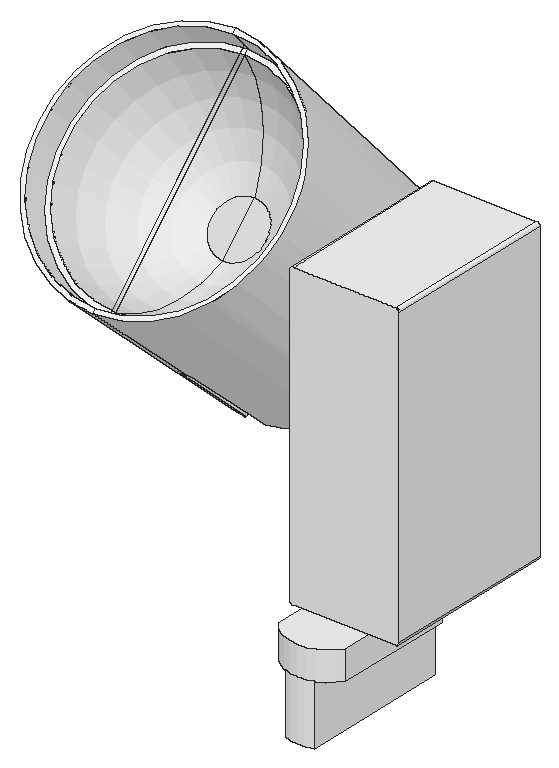
Revit family "0004878 Feilo Sylvania Lighting Fixture START TRACK SPOT L 35W 4K RA90 MB WHITE", category Lighting Fixtures, host Face, Revit 2017 (continued)
Definition of nested family "Start Track Spot Head"
  Types (96, lengths in mm): name | Wattage | built-in parameter 1150134 | Photometric Web File | Model | built-in parameter 1150105 | Lumens | built-in parameter 1150107 | built-in parameter 1150106 | HeadThickness_FEILO | HeadRibOffset_FEILO | HeadRibDepth_FEILO | HeadRibCutWidth_FEILO | HeadRibCutOffset_FEILO | HeadReflectorRadius_FEILO | HeadReflectorOffset_FEILO | HeadLEDRadius_FEILO | HeadHeight_FEILO | HeadDiffusorOffset_FEILO | HeadDiaOut_FEILO | HeadDiaIn_FEILO | HeadAxisFromTop_FEILO | Emit from Circle Diameter | built-in parameter 1150104 | Description | Apparent Load
    0004864 START TRACK SPOT S 24W 3K RA90 WB WHITE | 24 W | (empty or 0) | "0004864.ies" | "START TRACK SPOT S 24W 3K RA90 WB WHITE" | 152.79 (stored number, unit not read) | 1920 lm | 3000 (stored number, unit not read) | 1.5279 (stored number, unit not read) | 1.5 | 4.179 | 55.714 | 7.167 | 50.87 | 50.588 | 55.714 | 9.556 | 117 | 9.435 | 86 | 77.477 | 69.354 | 77.477 | 7.4322 (stored number, unit not read) | "Integrated LED spotlight, Textured White - RAL9016, compact and minimalist design, ideal for retail applications, die-cast aluminium body, passive cooling heatsink. Beam angle: 64°, color temperature: 3000K , total system power: 24W, total fixture output: 1928 lm, LOR: 100%, colour rendering: Ra: 90 typical, LED Chromaticity: 3 step MacAdam ellipse, lifetime: >50000 hours at L70B50, energy class: A++, A+, A, IR/UV free light source without heat radiation, operating voltage: 220-240V / 50-60Hz, drive current: 600mA, electronic driver, non-dimmable, power factor: 0.95, electrical protection: Class II, Global Track 3 Phase adapter suitable for Global trac 3-circuit tracks, ingress protection rating: IP20, suitable for internal environment only, horizontal rotation: 355°, vertical tilt: 90°, dimensions: Ø86x140x200, weight: 0.966kg." | 24 VA
    0004863 START TRACK SPOT S 24W 3K RA90 MB WHITE | 24 W | (empty or 0) | "0004863.ies" | "START TRACK SPOT S 24W 3K RA90 MB WHITE" | 154.7 (stored number, unit not read) | 1944 lm | 3000 (stored number, unit not read) | 1.547 (stored number, unit not read) | 1.5 | 4.179 | 55.714 | 7.167 | 50.87 | 50.588 | 55.714 | 9.556 | 117 | 9.435 | 86 | 77.477 | 69.354 | 77.477 | 7.5251 (stored number, unit not read) | "Integrated LED spotlight, Textured White - RAL9016, compact and minimalist design, ideal for retail applications, die-cast aluminium body, passive cooling heatsink. Beam angle: 36°, color temperature: 3000K , total system power: 24W, total fixture output: 1944 lm, LOR: 100%, colour rendering: Ra: 90 typical, LED Chromaticity: 3 step MacAdam ellipse, lifetime: >50000 hours at L70B50, energy class: A++, A+, A, IR/UV free light source without heat radiation, operating voltage: 220-240V / 50-60Hz, drive current: 600mA, electronic driver, non-dimmable, power factor: 0.95, electrical protection: Class II, Global Track 3 Phase adapter suitable for Global trac 3-circuit tracks, ingress protection rating: IP20, suitable for internal environment only, horizontal rotation: 355°, vertical tilt: 90°, dimensions: Ø86x140x200, weight: 0.966kg." | 24 VA
    0004862 START TRACK SPOT S 24W 3K RA90 NB WHITE | 24 W | (empty or 0) | "0004862.ies" | "START TRACK SPOT S 24W 3K RA90 NB WHITE" | 158.52 (stored number, unit not read) | 1992 lm | 3000 (stored number, unit not read) | 1.5852 (stored number, unit not read) | 1.5 | 4.179 | 55.714 | 7.167 | 50.87 | 50.588 | 55.714 | 9.556 | 117 | 9.435 | 86 | 77.477 | 69.354 | 77.477 | 7.711 (stored number, unit not read) | "Integrated LED spotlight, Textured White - RAL9016, compact and minimalist design, ideal for retail applications, die-cast aluminium body, passive cooling heatsink. Beam angle: 12°, color temperature: 3000K , total system power: 24W, total fixture output: 1987 lm, LOR: 100%, colour rendering: Ra: 90 typical, LED Chromaticity: 3 step MacAdam ellipse, lifetime: >50000 hours at L70B50, energy class: A++, A+, A, IR/UV free light source without heat radiation, operating voltage: 220-240V / 50-60Hz, drive current: 600mA, electronic driver, non-dimmable, power factor: 0.95, electrical protection: Class II, Global Track 3 Phase adapter suitable for Global trac 3-circuit tracks, ingress protection rating: IP20, suitable for internal environment only, horizontal rotation: 355°, vertical tilt: 90°, dimensions: Ø86x140x200, weight: 0.966kg." | 24 VA
    0004861 START TRACK SPOT S 14W 3K RA90 WB WHITE | 14 W | (empty or 0) | "0004861.ies" | "START TRACK SPOT S 14W 3K RA90 WB WHITE" | 100.27 (stored number, unit not read) | 1260 lm | 3000 (stored number, unit not read) | 1.0027 (stored number, unit not read) | 1.5 | 4.179 | 55.714 | 7.167 | 50.87 | 50.588 | 55.714 | 9.556 | 117 | 9.435 | 86 | 77.477 | 69.354 | 77.477 | 8.3613 (stored number, unit not read) | "Integrated LED spotlight, Textured White - RAL9016, compact and minimalist design, ideal for retail applications, die-cast aluminium body, passive cooling heatsink. Beam angle: 64°, color temperature: 3000K , total system power: 14W, total fixture output: 1262 lm, LOR: 100%, colour rendering: Ra: 90 typical, LED Chromaticity: 3 step MacAdam ellipse, lifetime: >50000 hours at L70B50, energy class: A++, A+, A, IR/UV free light source without heat radiation, operating voltage: 220-240V / 50-60Hz, drive current: 350mA, electronic driver, non-dimmable, power factor: 0.92, electrical protection: Class II, Global Track 3 Phase adapter suitable for Global trac 3-circuit tracks, ingress protection rating: IP20, suitable for internal environment only, horizontal rotation: 355°, vertical tilt: 90°, dimensions: Ø86x140x200, weight: 0.940kg." | 14 VA
    0004860 START TRACK SPOT S 14W 3K RA90 MB WHITE | 14 W | (empty or 0) | "0004860.ies" | "START TRACK SPOT S 14W 3K RA90 MB WHITE" | 100.27 (stored number, unit not read) | 1260 lm | 3000 (stored number, unit not read) | 1.0027 (stored number, unit not read) | 1.5 | 4.179 | 55.714 | 7.167 | 50.87 | 50.588 | 55.714 | 9.556 | 117 | 9.435 | 86 | 77.477 | 69.354 | 77.477 | 8.3613 (stored number, unit not read) | "Integrated LED spotlight, Textured White - RAL9016, compact and minimalist design, ideal for retail applications, die-cast aluminium body, passive cooling heatsink. Beam angle: 36°, color temperature: 3000K , total system power: 14W, total fixture output: 1262 lm, LOR: 100%, colour rendering: Ra: 90 typical, LED Chromaticity: 3 step MacAdam ellipse, lifetime: >50000 hours at L70B50, energy class: A++, A+, A, IR/UV free light source without heat radiation, operating voltage: 220-240V / 50-60Hz, drive current: 350mA, electronic driver, non-dimmable, power factor: 0.92, electrical protection: Class II, Global Track 3 Phase adapter suitable for Global trac 3-circuit tracks, ingress protection rating: IP20, suitable for internal environment only, horizontal rotation: 355°, vertical tilt: 90°, dimensions: Ø86x140x200, weight: 0.940kg." | 14 VA
    0004859 START TRACK SPOT S 14W 3K RA90 NB WHITE | 14 W | (empty or 0) | "0004859.ies" | "START TRACK SPOT S 14W 3K RA90 NB WHITE" | 102.5 (stored number, unit not read) | 1288 lm | 3000 (stored number, unit not read) | 1.025 (stored number, unit not read) | 1.5 | 4.179 | 55.714 | 7.167 | 50.87 | 50.588 | 55.714 | 9.556 | 117 | 9.435 | 86 | 77.477 | 69.354 | 77.477 | 8.5471 (stored number, unit not read) | "Integrated LED spotlight, Textured White - RAL9016, compact and minimalist design, ideal for retail applications, die-cast aluminium body, passive cooling heatsink. Beam angle: 12°, color temperature: 3000K , total system power: 14W, total fixture output: 1284 lm, LOR: 100%, colour rendering: Ra: 90 typical, LED Chromaticity: 3 step MacAdam ellipse, lifetime: >50000 hours at L70B50, energy class: A++, A+, A, IR/UV free light source without heat radiation, operating voltage: 220-240V / 50-60Hz, drive current: 350mA, electronic driver, non-dimmable, power factor: 0.92, electrical protection: Class II, Global Track 3 Phase adapter suitable for Global trac 3-circuit tracks, ingress protection rating: IP20, suitable for internal environment only, horizontal rotation: 355°, vertical tilt: 90°, dimensions: Ø86x140x200, weight: 0.940kg." | 14 VA
    0004858 START TRACK SPOT L 55W 4K RA80 WB BLACK | 55 W | 12 | "0004858.ies" | "START TRACK SPOT L 55W 4K RA80 WB BLACK" | 424.55 (stored number, unit not read) | 5335 lm | 4000 (stored number, unit not read) | 4.2455 (stored number, unit not read) | 2 | 4.429 | 59.048 | 9.417 | 53.913 | 66.471 | 59.048 | 12.556 | 124 | 10 | 113 | 101.802 | 73.503 | 101.802 | 9.0116 (stored number, unit not read) | "Integrated LED spotlight, Textured Black - RAL9005, compact and minimalist design, ideal for retail applications, die-cast aluminium body, passive cooling heatsink. Beam angle: 52°, color temperature: 4000K , total system power: 55W, total fixture output: 5320 lm, LOR: 100%, colour rendering: Ra: 80 typical, LED Chromaticity: 3 step MacAdam ellipse, lifetime: >50000 hours at L70B50, energy class: A++, A+, A, IR/UV free light source without heat radiation, operating voltage: 220-240V / 50-60Hz, drive current: 1400mA, electronic driver, non-dimmable, power factor: 0.96, electrical protection: Class II, Global Track 3 Phase adapter suitable for Global trac 3-circuit tracks, ingress protection rating: IP20, suitable for internal environment only, horizontal rotation: 355°, vertical tilt: 90°, dimensions: Ø113x164x240, weight: 1.398kg." | 55 VA
    0004857 START TRACK SPOT L 55W 4K RA80 MB BLACK | 55 W | 12 | "0004857.ies" | "START TRACK SPOT L 55W 4K RA80 MB BLACK" | 428.92 (stored number, unit not read) | 5390 lm | 4000 (stored number, unit not read) | 4.2892 (stored number, unit not read) | 2 | 4.429 | 59.048 | 9.417 | 53.913 | 66.471 | 59.048 | 12.556 | 124 | 10 | 113 | 101.802 | 73.503 | 101.802 | 9.1045 (stored number, unit not read) | "Integrated LED spotlight, Textured Black - RAL9005, compact and minimalist design, ideal for retail applications, die-cast aluminium body, passive cooling heatsink. Beam angle: 38°, color temperature: 4000K , total system power: 55W, total fixture output: 5378 lm, LOR: 100%, colour rendering: Ra: 80 typical, LED Chromaticity: 3 step MacAdam ellipse, lifetime: >50000 hours at L70B50, energy class: A++, A+, A, IR/UV free light source without heat radiation, operating voltage: 220-240V / 50-60Hz, drive current: 1400mA, electronic driver, non-dimmable, power factor: 0.96, electrical protection: Class II, Global Track 3 Phase adapter suitable for Global trac 3-circuit tracks, ingress protection rating: IP20, suitable for internal environment only, horizontal rotation: 355°, vertical tilt: 90°, dimensions: Ø113x164x240, weight: 1.398kg." | 55 VA
    0004856 START TRACK SPOT L 55W 4K RA80 NB BLACK | 55 W | 12 | "0004856.ies" | "START TRACK SPOT L 55W 4K RA80 NB BLACK" | 433.3 (stored number, unit not read) | 5445 lm | 4000 (stored number, unit not read) | 4.333 (stored number, unit not read) | 2 | 4.429 | 59.048 | 9.417 | 53.913 | 66.471 | 59.048 | 12.556 | 124 | 10 | 113 | 101.802 | 73.503 | 101.802 | 9.1974 (stored number, unit not read) | "Integrated LED spotlight, Textured Black - RAL9005, compact and minimalist design, ideal for retail applications, die-cast aluminium body, passive cooling heatsink. Beam angle: 15°, color temperature: 4000K , total system power: 55W, total fixture output: 5426 lm, LOR: 100%, colour rendering: Ra: 80 typical, LED Chromaticity: 3 step MacAdam ellipse, lifetime: >50000 hours at L70B50, energy class: A++, A+, A, IR/UV free light source without heat radiation, operating voltage: 220-240V / 50-60Hz, drive current: 1400mA, electronic driver, non-dimmable, power factor: 0.96, electrical protection: Class II, Global Track 3 Phase adapter suitable for Global trac 3-circuit tracks, ingress protection rating: IP20, suitable for internal environment only, horizontal rotation: 355°, vertical tilt: 90°, dimensions: Ø113x164x240, weight: 1.398kg." | 55 VA
    0004855 START TRACK SPOT L 35W 4K RA80 WB BLACK | 35 W | 12 | "0004855.ies" | "START TRACK SPOT L 35W 4K RA80 WB BLACK" | 320.3 (stored number, unit not read) | 4025 lm | 4000 (stored number, unit not read) | 3.203 (stored number, unit not read) | 2 | 4.429 | 59.048 | 9.417 | 53.913 | 66.471 | 59.048 | 12.556 | 124 | 10 | 113 | 101.802 | 73.503 | 101.802 | 10.684 (stored number, unit not read) | "Integrated LED spotlight, Textured Black - RAL9005, compact and minimalist design, ideal for retail applications, die-cast aluminium body, passive cooling heatsink. Beam angle: 52°, color temperature: 4000K , total system power: 35W, total fixture output: 4010 lm, LOR: 100%, colour rendering: Ra: 80 typical, LED Chromaticity: 3 step MacAdam ellipse, lifetime: >50000 hours at L70B50, energy class: A++, A+, A, IR/UV free light source without heat radiation, operating voltage: 220-240V / 50-60Hz, drive current: 900mA, electronic driver, non-dimmable, power factor: 0.93, electrical protection: Class II, Global Track 3 Phase adapter suitable for Global trac 3-circuit tracks, ingress protection rating: IP20, suitable for internal environment only, horizontal rotation: 355°, vertical tilt: 90°, dimensions: Ø113x164x240, weight: 1.368kg." | 35 VA
    0004854 START TRACK SPOT L 35W 4K RA80 MB BLACK | 35 W | 12 | "0004854.ies" | "START TRACK SPOT L 35W 4K RA80 MB BLACK" | 320.3 (stored number, unit not read) | 4025 lm | 4000 (stored number, unit not read) | 3.203 (stored number, unit not read) | 2 | 4.429 | 59.048 | 9.417 | 53.913 | 66.471 | 59.048 | 12.556 | 124 | 10 | 113 | 101.802 | 73.503 | 101.802 | 10.684 (stored number, unit not read) | "Integrated LED spotlight, Textured Black - RAL9005, compact and minimalist design, ideal for retail applications, die-cast aluminium body, passive cooling heatsink. Beam angle: 38°, color temperature: 4000K , total system power: 35W, total fixture output: 4017 lm, LOR: 100%, colour rendering: Ra: 80 typical, LED Chromaticity: 3 step MacAdam ellipse, lifetime: >50000 hours at L70B50, energy class: A++, A+, A, IR/UV free light source without heat radiation, operating voltage: 220-240V / 50-60Hz, drive current: 900mA, electronic driver, non-dimmable, power factor: 0.93, electrical protection: Class II, Global Track 3 Phase adapter suitable for Global trac 3-circuit tracks, ingress protection rating: IP20, suitable for internal environment only, horizontal rotation: 355°, vertical tilt: 90°, dimensions: Ø113x164x240, weight: 1.368kg." | 35 VA
    0004853 START TRACK SPOT L 35W 4K RA80 NB BLACK | 35 W | 12 | "0004853.ies" | "START TRACK SPOT L 35W 4K RA80 NB BLACK" | 331.44 (stored number, unit not read) | 4165 lm | 4000 (stored number, unit not read) | 3.3144 (stored number, unit not read) | 2 | 4.429 | 59.048 | 9.417 | 53.913 | 66.471 | 59.048 | 12.556 | 124 | 10 | 113 | 101.802 | 73.503 | 101.802 | 11.055 (stored number, unit not read) | "Integrated LED spotlight, Textured Black - RAL9005, compact and minimalist design, ideal for retail applications, die-cast aluminium body, passive cooling heatsink. Beam angle: 15°, color temperature: 4000K , total system power: 35W, total fixture output: 4174 lm, LOR: 100%, colour rendering: Ra: 80 typical, LED Chromaticity: 3 step MacAdam ellipse, lifetime: >50000 hours at L70B50, energy class: A++, A+, A, IR/UV free light source without heat radiation, operating voltage: 220-240V / 50-60Hz, drive current: 900mA, electronic driver, non-dimmable, power factor: 0.93, electrical protection: Class II, Global Track 3 Phase adapter suitable for Global trac 3-circuit tracks, ingress protection rating: IP20, suitable for internal environment only, horizontal rotation: 355°, vertical tilt: 90°, dimensions: Ø113x164x240, weight: 1.368kg." | 35 VA
    0004852 START TRACK SPOT S 24W 4K RA80 WB BLACK | 24 W | 12 | "0004852.ies" | "START TRACK SPOT S 24W 4K RA80 WB BLACK" | 196.72 (stored number, unit not read) | 2472 lm | 4000 (stored number, unit not read) | 1.9672 (stored number, unit not read) | 1.5 | 4.179 | 55.714 | 7.167 | 50.87 | 50.588 | 55.714 | 9.556 | 117 | 9.435 | 86 | 77.477 | 69.354 | 77.477 | 9.569 (stored number, unit not read) | "Integrated LED spotlight, Textured Black - RAL9005, compact and minimalist design, ideal for retail applications, die-cast aluminium body, passive cooling heatsink. Beam angle: 64°, color temperature: 4000K , total system power: 24W, total fixture output: 2476 lm, LOR: 100%, colour rendering: Ra: 80 typical, LED Chromaticity: 3 step MacAdam ellipse, lifetime: >50000 hours at L70B50, energy class: A++, A+, A, IR/UV free light source without heat radiation, operating voltage: 220-240V / 50-60Hz, drive current: 600mA, electronic driver, non-dimmable, power factor: 0.95, electrical protection: Class II, Global Track 3 Phase adapter suitable for Global trac 3-circuit tracks, ingress protection rating: IP20, suitable for internal environment only, horizontal rotation: 355°, vertical tilt: 90°, dimensions: Ø86x140x200, weight: 0.966kg." | 24 VA
    0004851 START TRACK SPOT S 24W 4K RA80 MB BLACK | 24 W | 12 | "0004851.ies" | "START TRACK SPOT S 24W 4K RA80 MB BLACK" | 198.63 (stored number, unit not read) | 2496 lm | 4000 (stored number, unit not read) | 1.9863 (stored number, unit not read) | 1.5 | 4.179 | 55.714 | 7.167 | 50.87 | 50.588 | 55.714 | 9.556 | 117 | 9.435 | 86 | 77.477 | 69.354 | 77.477 | 9.6619 (stored number, unit not read) | "Integrated LED spotlight, Textured Black - RAL9005, compact and minimalist design, ideal for retail applications, die-cast aluminium body, passive cooling heatsink. Beam angle: 36°, color temperature: 4000K , total system power: 24W, total fixture output: 2487 lm, LOR: 100%, colour rendering: Ra: 80 typical, LED Chromaticity: 3 step MacAdam ellipse, lifetime: >50000 hours at L70B50, energy class: A++, A+, A, IR/UV free light source without heat radiation, operating voltage: 220-240V / 50-60Hz, drive current: 600mA, electronic driver, non-dimmable, power factor: 0.95, electrical protection: Class II, Global Track 3 Phase adapter suitable for Global trac 3-circuit tracks, ingress protection rating: IP20, suitable for internal environment only, horizontal rotation: 355°, vertical tilt: 90°, dimensions: Ø86x140x200, weight: 0.966kg." | 24 VA
    0004850 START TRACK SPOT S 24W 4K RA80 NB BLACK | 24 W | 12 | "0004850.ies" | "START TRACK SPOT S 24W 4K RA80 NB BLACK" | 200.54 (stored number, unit not read) | 2520 lm | 4000 (stored number, unit not read) | 2.0054 (stored number, unit not read) | 1.5 | 4.179 | 55.714 | 7.167 | 50.87 | 50.588 | 55.714 | 9.556 | 117 | 9.435 | 86 | 77.477 | 69.354 | 77.477 | 9.7548 (stored number, unit not read) | "Integrated LED spotlight, Textured Black - RAL9005, compact and minimalist design, ideal for retail applications, die-cast aluminium body, passive cooling heatsink. Beam angle: 12°, color temperature: 4000K , total system power: 24W, total fixture output: 2529 lm, LOR: 100%, colour rendering: Ra: 80 typical, LED Chromaticity: 3 step MacAdam ellipse, lifetime: >50000 hours at L70B50, energy class: A++, A+, A, IR/UV free light source without heat radiation, operating voltage: 220-240V / 50-60Hz, drive current: 600mA, electronic driver, non-dimmable, power factor: 0.95, electrical protection: Class II, Global Track 3 Phase adapter suitable for Global trac 3-circuit tracks, ingress protection rating: IP20, suitable for internal environment only, horizontal rotation: 355°, vertical tilt: 90°, dimensions: Ø86x140x200, weight: 0.966kg." | 24 VA
    0004849 START TRACK SPOT S 14W 4K RA80 WB BLACK | 14 W | 12 | "0004849.ies" | "START TRACK SPOT S 14W 4K RA80 WB BLACK" | 123.66 (stored number, unit not read) | 1554 lm | 4000 (stored number, unit not read) | 1.2366 (stored number, unit not read) | 1.5 | 4.179 | 55.714 | 7.167 | 50.87 | 50.588 | 55.714 | 9.556 | 117 | 9.435 | 86 | 77.477 | 69.354 | 77.477 | 10.312 (stored number, unit not read) | "Integrated LED spotlight, Textured Black - RAL9005, compact and minimalist design, ideal for retail applications, die-cast aluminium body, passive cooling heatsink. Beam angle: 64°, color temperature: 4000K , total system power: 14W, total fixture output: 1558 lm, LOR: 100%, colour rendering: Ra: 80 typical, LED Chromaticity: 3 step MacAdam ellipse, lifetime: >50000 hours at L70B50, energy class: A++, A+, A, IR/UV free light source without heat radiation, operating voltage: 220-240V / 50-60Hz, drive current: 350mA, electronic driver, non-dimmable, power factor: 0.92, electrical protection: Class II, Global Track 3 Phase adapter suitable for Global trac 3-circuit tracks, ingress protection rating: IP20, suitable for internal environment only, horizontal rotation: 355°, vertical tilt: 90°, dimensions: Ø86x140x200, weight: 0.940kg." | 14 VA
    0004848 START TRACK SPOT S 14W 4K RA80 MB BLACK | 14 W | 12 | "0004848.ies" | "START TRACK SPOT S 14W 4K RA80 MB BLACK" | 127.01 (stored number, unit not read) | 1596 lm | 4000 (stored number, unit not read) | 1.2701 (stored number, unit not read) | 1.5 | 4.179 | 55.714 | 7.167 | 50.87 | 50.588 | 55.714 | 9.556 | 117 | 9.435 | 86 | 77.477 | 69.354 | 77.477 | 10.591 (stored number, unit not read) | "Integrated LED spotlight, Textured Black - RAL9005, compact and minimalist design, ideal for retail applications, die-cast aluminium body, passive cooling heatsink. Beam angle: 36°, color temperature: 4000K , total system power: 14W, total fixture output: 1598 lm, LOR: 100%, colour rendering: Ra: 80 typical, LED Chromaticity: 3 step MacAdam ellipse, lifetime: >50000 hours at L70B50, energy class: A++, A+, A, IR/UV free light source without heat radiation, operating voltage: 220-240V / 50-60Hz, drive current: 350mA, electronic driver, non-dimmable, power factor: 0.92, electrical protection: Class II, Global Track 3 Phase adapter suitable for Global trac 3-circuit tracks, ingress protection rating: IP20, suitable for internal environment only, horizontal rotation: 355°, vertical tilt: 90°, dimensions: Ø86x140x200, weight: 0.940kg." | 14 VA
    0004847 START TRACK SPOT S 14W 4K RA80 NB BLACK | 14 W | 12 | "0004847.ies" | "START TRACK SPOT S 14W 4K RA80 NB BLACK" | 128.12 (stored number, unit not read) | 1610 lm | 4000 (stored number, unit not read) | 1.2812 (stored number, unit not read) | 1.5 | 4.179 | 55.714 | 7.167 | 50.87 | 50.588 | 55.714 | 9.556 | 117 | 9.435 | 86 | 77.477 | 69.354 | 77.477 | 10.684 (stored number, unit not read) | "Integrated LED spotlight, Textured Black - RAL9005, compact and minimalist design, ideal for retail applications, die-cast aluminium body, passive cooling heatsink. Beam angle: 12°, color temperature: 4000K , total system power: 14W, total fixture output: 1608 lm, LOR: 100%, colour rendering: Ra: 80 typical, LED Chromaticity: 3 step MacAdam ellipse, lifetime: >50000 hours at L70B50, energy class: A++, A+, A, IR/UV free light source without heat radiation, operating voltage: 220-240V / 50-60Hz, drive current: 350mA, electronic driver, non-dimmable, power factor: 0.92, electrical protection: Class II, Global Track 3 Phase adapter suitable for Global trac 3-circuit tracks, ingress protection rating: IP20, suitable for internal environment only, horizontal rotation: 355°, vertical tilt: 90°, dimensions: Ø86x140x200, weight: 0.940kg." | 14 VA
    0004846 START TRACK SPOT L 55W 3K RA80 WB BLACK | 55 W | (empty or 0) | "0004846.ies" | "START TRACK SPOT L 55W 3K RA80 WB BLACK" | 420.17 (stored number, unit not read) | 5280 lm | 3000 (stored number, unit not read) | 4.2017 (stored number, unit not read) | 2 | 4.429 | 59.048 | 9.417 | 53.913 | 66.471 | 59.048 | 12.556 | 124 | 10 | 113 | 101.802 | 73.503 | 101.802 | 8.9187 (stored number, unit not read) | "Integrated LED spotlight, Textured Black - RAL9005, compact and minimalist design, ideal for retail applications, die-cast aluminium body, passive cooling heatsink. Beam angle: 52°, color temperature: 3000K , total system power: 55W, total fixture output: 5298 lm, LOR: 100%, colour rendering: Ra: 80 typical, LED Chromaticity: 3 step MacAdam ellipse, lifetime: >50000 hours at L70B50, energy class: A++, A+, A, IR/UV free light source without heat radiation, operating voltage: 220-240V / 50-60Hz, drive current: 1400mA, electronic driver, non-dimmable, power factor: 0.96, electrical protection: Class II, Global Track 3 Phase adapter suitable for Global trac 3-circuit tracks, ingress protection rating: IP20, suitable for internal environment only, horizontal rotation: 355°, vertical tilt: 90°, dimensions: Ø113x164x240, weight: 1.398kg." | 55 VA
    0004845 START TRACK SPOT L 55W 3K RA80 MB BLACK | 55 W | (empty or 0) | "0004845.ies" | "START TRACK SPOT L 55W 3K RA80 MB BLACK" | 428.92 (stored number, unit not read) | 5390 lm | 3000 (stored number, unit not read) | 4.2892 (stored number, unit not read) | 2 | 4.429 | 59.048 | 9.417 | 53.913 | 66.471 | 59.048 | 12.556 | 124 | 10 | 113 | 101.802 | 73.503 | 101.802 | 9.1045 (stored number, unit not read) | "Integrated LED spotlight, Textured Black - RAL9005, compact and minimalist design, ideal for retail applications, die-cast aluminium body, passive cooling heatsink. Beam angle: 38°, color temperature: 3000K , total system power: 55W, total fixture output: 5381 lm, LOR: 100%, colour rendering: Ra: 80 typical, LED Chromaticity: 3 step MacAdam ellipse, lifetime: >50000 hours at L70B50, energy class: A++, A+, A, IR/UV free light source without heat radiation, operating voltage: 220-240V / 50-60Hz, drive current: 1400mA, electronic driver, non-dimmable, power factor: 0.96, electrical protection: Class II, Global Track 3 Phase adapter suitable for Global trac 3-circuit tracks, ingress protection rating: IP20, suitable for internal environment only, horizontal rotation: 355°, vertical tilt: 90°, dimensions: Ø113x164x240, weight: 1.398kg." | 55 VA
    0004844 START TRACK SPOT L 55W 3K RA80 NB BLACK | 55 W | (empty or 0) | "0004844.ies" | "START TRACK SPOT L 55W 3K RA80 NB BLACK" | 433.3 (stored number, unit not read) | 5445 lm | 3000 (stored number, unit not read) | 4.333 (stored number, unit not read) | 2 | 4.429 | 59.048 | 9.417 | 53.913 | 66.471 | 59.048 | 12.556 | 124 | 10 | 113 | 101.802 | 73.503 | 101.802 | 9.1974 (stored number, unit not read) | "Integrated LED spotlight, Textured Black - RAL9005, compact and minimalist design, ideal for retail applications, die-cast aluminium body, passive cooling heatsink. Beam angle: 15°, color temperature: 3000K , total system power: 55W, total fixture output: 5449 lm, LOR: 100%, colour rendering: Ra: 80 typical, LED Chromaticity: 3 step MacAdam ellipse, lifetime: >50000 hours at L70B50, energy class: A++, A+, A, IR/UV free light source without heat radiation, operating voltage: 220-240V / 50-60Hz, drive current: 1400mA, electronic driver, non-dimmable, power factor: 0.96, electrical protection: Class II, Global Track 3 Phase adapter suitable for Global trac 3-circuit tracks, ingress protection rating: IP20, suitable for internal environment only, horizontal rotation: 355°, vertical tilt: 90°, dimensions: Ø113x164x240, weight: 1.398kg." | 55 VA
    0004843 START TRACK SPOT L 35W 3K RA80 WB BLACK | 35 W | (empty or 0) | "0004843.ies" | "START TRACK SPOT L 35W 3K RA80 WB BLACK" | 314.73 (stored number, unit not read) | 3955 lm | 3000 (stored number, unit not read) | 3.1473 (stored number, unit not read) | 2 | 4.429 | 59.048 | 9.417 | 53.913 | 66.471 | 59.048 | 12.556 | 124 | 10 | 113 | 101.802 | 73.503 | 101.802 | 10.498 (stored number, unit not read) | "Integrated LED spotlight, Textured Black - RAL9005, compact and minimalist design, ideal for retail applications, die-cast aluminium body, passive cooling heatsink. Beam angle: 52°, color temperature: 3000K , total system power: 35W, total fixture output: 3943 lm, LOR: 100%, colour rendering: Ra: 80 typical, LED Chromaticity: 3 step MacAdam ellipse, lifetime: >50000 hours at L70B50, energy class: A++, A+, A, IR/UV free light source without heat radiation, operating voltage: 220-240V / 50-60Hz, drive current: 900mA, electronic driver, non-dimmable, power factor: 0.93, electrical protection: Class II, Global Track 3 Phase adapter suitable for Global trac 3-circuit tracks, ingress protection rating: IP20, suitable for internal environment only, horizontal rotation: 355°, vertical tilt: 90°, dimensions: Ø113x164x240, weight: 1.368kg." | 35 VA
    0004842 START TRACK SPOT L 35W 3K RA80 MB BLACK | 35 W | (empty or 0) | "0004842.ies" | "START TRACK SPOT L 35W 3K RA80 MB BLACK" | 320.3 (stored number, unit not read) | 4025 lm | 3000 (stored number, unit not read) | 3.203 (stored number, unit not read) | 2 | 4.429 | 59.048 | 9.417 | 53.913 | 66.471 | 59.048 | 12.556 | 124 | 10 | 113 | 101.802 | 73.503 | 101.802 | 10.684 (stored number, unit not read) | "Integrated LED spotlight, Textured Black - RAL9005, compact and minimalist design, ideal for retail applications, die-cast aluminium body, passive cooling heatsink. Beam angle: 38°, color temperature: 3000K , total system power: 35W, total fixture output: 4008 lm, LOR: 100%, colour rendering: Ra: 80 typical, LED Chromaticity: 3 step MacAdam ellipse, lifetime: >50000 hours at L70B50, energy class: A++, A+, A, IR/UV free light source without heat radiation, operating voltage: 220-240V / 50-60Hz, drive current: 900mA, electronic driver, non-dimmable, power factor: 0.93, electrical protection: Class II, Global Track 3 Phase adapter suitable for Global trac 3-circuit tracks, ingress protection rating: IP20, suitable for internal environment only, horizontal rotation: 355°, vertical tilt: 90°, dimensions: Ø113x164x240, weight: 1.368kg." | 35 VA
    0004841 START TRACK SPOT L 35W 3K RA80 NB BLACK | 35 W | (empty or 0) | "0004841.ies" | "START TRACK SPOT L 35W 3K RA80 NB BLACK" | 317.51 (stored number, unit not read) | 3990 lm | 3000 (stored number, unit not read) | 3.1751 (stored number, unit not read) | 2 | 4.429 | 59.048 | 9.417 | 53.913 | 66.471 | 59.048 | 12.556 | 124 | 10 | 113 | 101.802 | 73.503 | 101.802 | 10.591 (stored number, unit not read) | "Integrated LED spotlight, Textured Black - RAL9005, compact and minimalist design, ideal for retail applications, die-cast aluminium body, passive cooling heatsink. Beam angle: 15°, color temperature: 3000K , total system power: 35W, total fixture output: 4005 lm, LOR: 100%, colour rendering: Ra: 80 typical, LED Chromaticity: 3 step MacAdam ellipse, lifetime: >50000 hours at L70B50, energy class: A++, A+, A, IR/UV free light source without heat radiation, operating voltage: 220-240V / 50-60Hz, drive current: 900mA, electronic driver, non-dimmable, power factor: 0.93, electrical protection: Class II, Global Track 3 Phase adapter suitable for Global trac 3-circuit tracks, ingress protection rating: IP20, suitable for internal environment only, horizontal rotation: 355°, vertical tilt: 90°, dimensions: Ø113x164x240, weight: 1.368kg." | 35 VA
    0004840 START TRACK SPOT S 24W 3K RA80 WB BLACK | 24 W | (empty or 0) | "0004840.ies" | "START TRACK SPOT S 24W 3K RA80 WB BLACK" | 185.26 (stored number, unit not read) | 2328 lm | 3000 (stored number, unit not read) | 1.8526 (stored number, unit not read) | 1.5 | 4.179 | 55.714 | 7.167 | 50.87 | 50.588 | 55.714 | 9.556 | 117 | 9.435 | 86 | 77.477 | 69.354 | 77.477 | 9.0116 (stored number, unit not read) | "Integrated LED spotlight, Textured Black - RAL9005, compact and minimalist design, ideal for retail applications, die-cast aluminium body, passive cooling heatsink. Beam angle: 64°, color temperature: 3000K , total system power: 24W, total fixture output: 2318 lm, LOR: 100%, colour rendering: Ra: 80 typical, LED Chromaticity: 3 step MacAdam ellipse, lifetime: >50000 hours at L70B50, energy class: A++, A+, A, IR/UV free light source without heat radiation, operating voltage: 220-240V / 50-60Hz, drive current: 600mA, electronic driver, non-dimmable, power factor: 0.95, electrical protection: Class II, Global Track 3 Phase adapter suitable for Global trac 3-circuit tracks, ingress protection rating: IP20, suitable for internal environment only, horizontal rotation: 355°, vertical tilt: 90°, dimensions: Ø86x140x200, weight: 0.966kg." | 24 VA
    0004839 START TRACK SPOT S 24W 3K RA80 MB BLACK | 24 W | (empty or 0) | "0004839.ies" | "START TRACK SPOT S 24W 3K RA80 MB BLACK" | 183.35 (stored number, unit not read) | 2304 lm | 3000 (stored number, unit not read) | 1.8335 (stored number, unit not read) | 1.5 | 4.179 | 55.714 | 7.167 | 50.87 | 50.588 | 55.714 | 9.556 | 117 | 9.435 | 86 | 77.477 | 69.354 | 77.477 | 8.9187 (stored number, unit not read) | "Integrated LED spotlight, Textured Black - RAL9005, compact and minimalist design, ideal for retail applications, die-cast aluminium body, passive cooling heatsink. Beam angle: 36°, color temperature: 3000K , total system power: 24W, total fixture output: 2314 lm, LOR: 100%, colour rendering: Ra: 80 typical, LED Chromaticity: 3 step MacAdam ellipse, lifetime: >50000 hours at L70B50, energy class: A++, A+, A, IR/UV free light source without heat radiation, operating voltage: 220-240V / 50-60Hz, drive current: 600mA, electronic driver, non-dimmable, power factor: 0.95, electrical protection: Class II, Global Track 3 Phase adapter suitable for Global trac 3-circuit tracks, ingress protection rating: IP20, suitable for internal environment only, horizontal rotation: 355°, vertical tilt: 90°, dimensions: Ø86x140x200, weight: 0.966kg." | 24 VA
    0004838 START TRACK SPOT S 24W 3K RA80 NB BLACK | 24 W | (empty or 0) | "0004838.ies" | "START TRACK SPOT S 24W 3K RA80 NB BLACK" | 185.26 (stored number, unit not read) | 2328 lm | 3000 (stored number, unit not read) | 1.8526 (stored number, unit not read) | 1.5 | 4.179 | 55.714 | 7.167 | 50.87 | 50.588 | 55.714 | 9.556 | 117 | 9.435 | 86 | 77.477 | 69.354 | 77.477 | 9.0116 (stored number, unit not read) | "Integrated LED spotlight, Textured Black - RAL9005, compact and minimalist design, ideal for retail applications, die-cast aluminium body, passive cooling heatsink. Beam angle: 12°, color temperature: 3000K , total system power: 24W, total fixture output: 2334 lm, LOR: 100%, colour rendering: Ra: 80 typical, LED Chromaticity: 3 step MacAdam ellipse, lifetime: >50000 hours at L70B50, energy class: A++, A+, A, IR/UV free light source without heat radiation, operating voltage: 220-240V / 50-60Hz, drive current: 600mA, electronic driver, non-dimmable, power factor: 0.95, electrical protection: Class II, Global Track 3 Phase adapter suitable for Global trac 3-circuit tracks, ingress protection rating: IP20, suitable for internal environment only, horizontal rotation: 355°, vertical tilt: 90°, dimensions: Ø86x140x200, weight: 0.966kg." | 24 VA
    0004837 START TRACK SPOT S 14W 3K RA80 WB BLACK | 14 W | (empty or 0) | "0004837.ies" | "START TRACK SPOT S 14W 3K RA80 WB BLACK" | 119.21 (stored number, unit not read) | 1498 lm | 3000 (stored number, unit not read) | 1.1921 (stored number, unit not read) | 1.5 | 4.179 | 55.714 | 7.167 | 50.87 | 50.588 | 55.714 | 9.556 | 117 | 9.435 | 86 | 77.477 | 69.354 | 77.477 | 9.9406 (stored number, unit not read) | "Integrated LED spotlight, Textured Black - RAL9005, compact and minimalist design, ideal for retail applications, die-cast aluminium body, passive cooling heatsink. Beam angle: 64°, color temperature: 3000K , total system power: 14W, total fixture output: 1498 lm, LOR: 100%, colour rendering: Ra: 80 typical, LED Chromaticity: 3 step MacAdam ellipse, lifetime: >50000 hours at L70B50, energy class: A++, A+, A, IR/UV free light source without heat radiation, operating voltage: 220-240V / 50-60Hz, drive current: 350mA, electronic driver, non-dimmable, power factor: 0.92, electrical protection: Class II, Global Track 3 Phase adapter suitable for Global trac 3-circuit tracks, ingress protection rating: IP20, suitable for internal environment only, horizontal rotation: 355°, vertical tilt: 90°, dimensions: Ø86x140x200, weight: 0.940kg." | 14 VA
    0004836 START TRACK SPOT S 14W 3K RA80 MB BLACK | 14 W | (empty or 0) | "0004836.ies" | "START TRACK SPOT S 14W 3K RA80 MB BLACK" | 120.32 (stored number, unit not read) | 1512 lm | 3000 (stored number, unit not read) | 1.2032 (stored number, unit not read) | 1.5 | 4.179 | 55.714 | 7.167 | 50.87 | 50.588 | 55.714 | 9.556 | 117 | 9.435 | 86 | 77.477 | 69.354 | 77.477 | 10.034 (stored number, unit not read) | "Integrated LED spotlight, Textured Black - RAL9005, compact and minimalist design, ideal for retail applications, die-cast aluminium body, passive cooling heatsink. Beam angle: 36°, color temperature: 3000K , total system power: 14W, total fixture output: 1508 lm, LOR: 100%, colour rendering: Ra: 80 typical, LED Chromaticity: 3 step MacAdam ellipse, lifetime: >50000 hours at L70B50, energy class: A++, A+, A, IR/UV free light source without heat radiation, operating voltage: 220-240V / 50-60Hz, drive current: 350mA, electronic driver, non-dimmable, power factor: 0.92, electrical protection: Class II, Global Track 3 Phase adapter suitable for Global trac 3-circuit tracks, ingress protection rating: IP20, suitable for internal environment only, horizontal rotation: 355°, vertical tilt: 90°, dimensions: Ø86x140x200, weight: 0.940kg." | 14 VA
    0004835 START TRACK SPOT S 14W 3K RA80 NB BLACK | 14 W | (empty or 0) | "0004835.ies" | "START TRACK SPOT S 14W 3K RA80 NB BLACK" | 123.66 (stored number, unit not read) | 1554 lm | 3000 (stored number, unit not read) | 1.2366 (stored number, unit not read) | 1.5 | 4.179 | 55.714 | 7.167 | 50.87 | 50.588 | 55.714 | 9.556 | 117 | 9.435 | 86 | 77.477 | 69.354 | 77.477 | 10.312 (stored number, unit not read) | "Integrated LED spotlight, Textured Black - RAL9005, compact and minimalist design, ideal for retail applications, die-cast aluminium body, passive cooling heatsink. Beam angle: 12°, color temperature: 3000K , total system power: 14W, total fixture output: 1551 lm, LOR: 100%, colour rendering: Ra: 80 typical, LED Chromaticity: 3 step MacAdam ellipse, lifetime: >50000 hours at L70B50, energy class: A++, A+, A, IR/UV free light source without heat radiation, operating voltage: 220-240V / 50-60Hz, drive current: 350mA, electronic driver, non-dimmable, power factor: 0.92, electrical protection: Class II, Global Track 3 Phase adapter suitable for Global trac 3-circuit tracks, ingress protection rating: IP20, suitable for internal environment only, horizontal rotation: 355°, vertical tilt: 90°, dimensions: Ø86x140x200, weight: 0.940kg." | 14 VA
    0004834 START TRACK SPOT L 55W 4K RA80 WB WHITE | 55 W | 12 | "0004834.ies" | "START TRACK SPOT L 55W 4K RA80 WB WHITE" | 424.55 (stored number, unit not read) | 5335 lm | 4000 (stored number, unit not read) | 4.2455 (stored number, unit not read) | 2 | 4.429 | 59.048 | 9.417 | 53.913 | 66.471 | 59.048 | 12.556 | 124 | 10 | 113 | 101.802 | 73.503 | 101.802 | 9.0116 (stored number, unit not read) | "Integrated LED spotlight, Textured White - RAL9016, compact and minimalist design, ideal for retail applications, die-cast aluminium body, passive cooling heatsink. Beam angle: 52°, color temperature: 4000K , total system power: 55W, total fixture output: 5320 lm, LOR: 100%, colour rendering: Ra: 80 typical, LED Chromaticity: 3 step MacAdam ellipse, lifetime: >50000 hours at L70B50, energy class: A++, A+, A, IR/UV free light source without heat radiation, operating voltage: 220-240V / 50-60Hz, drive current: 1400mA, electronic driver, non-dimmable, power factor: 0.96, electrical protection: Class II, Global Track 3 Phase adapter suitable for Global trac 3-circuit tracks, ingress protection rating: IP20, suitable for internal environment only, horizontal rotation: 355°, vertical tilt: 90°, dimensions: Ø113x164x240, weight: 1.398kg." | 55 VA
    0004833 START TRACK SPOT L 55W 4K RA80 MB WHITE | 55 W | 12 | "0004833.ies" | "START TRACK SPOT L 55W 4K RA80 MB WHITE" | 428.92 (stored number, unit not read) | 5390 lm | 4000 (stored number, unit not read) | 4.2892 (stored number, unit not read) | 2 | 4.429 | 59.048 | 9.417 | 53.913 | 66.471 | 59.048 | 12.556 | 124 | 10 | 113 | 101.802 | 73.503 | 101.802 | 9.1045 (stored number, unit not read) | "Integrated LED spotlight, Textured White - RAL9016, compact and minimalist design, ideal for retail applications, die-cast aluminium body, passive cooling heatsink. Beam angle: 38°, color temperature: 4000K , total system power: 55W, total fixture output: 5378 lm, LOR: 100%, colour rendering: Ra: 80 typical, LED Chromaticity: 3 step MacAdam ellipse, lifetime: >50000 hours at L70B50, energy class: A++, A+, A, IR/UV free light source without heat radiation, operating voltage: 220-240V / 50-60Hz, drive current: 1400mA, electronic driver, non-dimmable, power factor: 0.96, electrical protection: Class II, Global Track 3 Phase adapter suitable for Global trac 3-circuit tracks, ingress protection rating: IP20, suitable for internal environment only, horizontal rotation: 355°, vertical tilt: 90°, dimensions: Ø113x164x240, weight: 1.398kg." | 55 VA
    0004832 START TRACK SPOT L 55W 4K RA80 NB WHITE | 55 W | 12 | "0004832.ies" | "START TRACK SPOT L 55W 4K RA80 NB WHITE" | 433.3 (stored number, unit not read) | 5445 lm | 4000 (stored number, unit not read) | 4.333 (stored number, unit not read) | 2 | 4.429 | 59.048 | 9.417 | 53.913 | 66.471 | 59.048 | 12.556 | 124 | 10 | 113 | 101.802 | 73.503 | 101.802 | 9.1974 (stored number, unit not read) | "Integrated LED spotlight, Textured White - RAL9016, compact and minimalist design, ideal for retail applications, die-cast aluminium body, passive cooling heatsink. Beam angle: 15°, color temperature: 4000K , total system power: 55W, total fixture output: 5426 lm, LOR: 100%, colour rendering: Ra: 80 typical, LED Chromaticity: 3 step MacAdam ellipse, lifetime: >50000 hours at L70B50, energy class: A++, A+, A, IR/UV free light source without heat radiation, operating voltage: 220-240V / 50-60Hz, drive current: 1400mA, electronic driver, non-dimmable, power factor: 0.96, electrical protection: Class II, Global Track 3 Phase adapter suitable for Global trac 3-circuit tracks, ingress protection rating: IP20, suitable for internal environment only, horizontal rotation: 355°, vertical tilt: 90°, dimensions: Ø113x164x240, weight: 1.398kg." | 55 VA
    0004831 START TRACK SPOT L 35W 4K RA80 WB WHITE | 35 W | 12 | "0004831.ies" | "START TRACK SPOT L 35W 4K RA80 WB WHITE" | 320.3 (stored number, unit not read) | 4025 lm | 4000 (stored number, unit not read) | 3.203 (stored number, unit not read) | 2 | 4.429 | 59.048 | 9.417 | 53.913 | 66.471 | 59.048 | 12.556 | 124 | 10 | 113 | 101.802 | 73.503 | 101.802 | 10.684 (stored number, unit not read) | "Integrated LED spotlight, Textured White - RAL9016, compact and minimalist design, ideal for retail applications, die-cast aluminium body, passive cooling heatsink. Beam angle: 52°, color temperature: 4000K , total system power: 35W, total fixture output: 4010 lm, LOR: 100%, colour rendering: Ra: 80 typical, LED Chromaticity: 3 step MacAdam ellipse, lifetime: >50000 hours at L70B50, energy class: A++, A+, A, IR/UV free light source without heat radiation, operating voltage: 220-240V / 50-60Hz, drive current: 900mA, electronic driver, non-dimmable, power factor: 0.93, electrical protection: Class II, Global Track 3 Phase adapter suitable for Global trac 3-circuit tracks, ingress protection rating: IP20, suitable for internal environment only, horizontal rotation: 355°, vertical tilt: 90°, dimensions: Ø113x164x240, weight: 1.368kg." | 35 VA
    0004830 START TRACK SPOT L 35W 4K RA80 MB WHITE | 35 W | 12 | "0004830.ies" | "START TRACK SPOT L 35W 4K RA80 MB WHITE" | 320.3 (stored number, unit not read) | 4025 lm | 4000 (stored number, unit not read) | 3.203 (stored number, unit not read) | 2 | 4.429 | 59.048 | 9.417 | 53.913 | 66.471 | 59.048 | 12.556 | 124 | 10 | 113 | 101.802 | 73.503 | 101.802 | 10.684 (stored number, unit not read) | "Integrated LED spotlight, Textured White - RAL9016, compact and minimalist design, ideal for retail applications, die-cast aluminium body, passive cooling heatsink. Beam angle: 38°, color temperature: 4000K , total system power: 35W, total fixture output: 4017 lm, LOR: 100%, colour rendering: Ra: 80 typical, LED Chromaticity: 3 step MacAdam ellipse, lifetime: >50000 hours at L70B50, energy class: A++, A+, A, IR/UV free light source without heat radiation, operating voltage: 220-240V / 50-60Hz, drive current: 900mA, electronic driver, non-dimmable, power factor: 0.93, electrical protection: Class II, Global Track 3 Phase adapter suitable for Global trac 3-circuit tracks, ingress protection rating: IP20, suitable for internal environment only, horizontal rotation: 355°, vertical tilt: 90°, dimensions: Ø113x164x240, weight: 1.368kg." | 35 VA
    0004829 START TRACK SPOT L 35W 4K RA80 NB WHITE | 35 W | 12 | "0004829.ies" | "START TRACK SPOT L 35W 4K RA80 NB WHITE" | 331.44 (stored number, unit not read) | 4165 lm | 4000 (stored number, unit not read) | 3.3144 (stored number, unit not read) | 2 | 4.429 | 59.048 | 9.417 | 53.913 | 66.471 | 59.048 | 12.556 | 124 | 10 | 113 | 101.802 | 73.503 | 101.802 | 11.055 (stored number, unit not read) | "Integrated LED spotlight, Textured White - RAL9016, compact and minimalist design, ideal for retail applications, die-cast aluminium body, passive cooling heatsink. Beam angle: 15°, color temperature: 4000K , total system power: 35W, total fixture output: 4174 lm, LOR: 100%, colour rendering: Ra: 80 typical, LED Chromaticity: 3 step MacAdam ellipse, lifetime: >50000 hours at L70B50, energy class: A++, A+, A, IR/UV free light source without heat radiation, operating voltage: 220-240V / 50-60Hz, drive current: 900mA, electronic driver, non-dimmable, power factor: 0.93, electrical protection: Class II, Global Track 3 Phase adapter suitable for Global trac 3-circuit tracks, ingress protection rating: IP20, suitable for internal environment only, horizontal rotation: 355°, vertical tilt: 90°, dimensions: Ø113x164x240, weight: 1.368kg." | 35 VA
    0004828 START TRACK SPOT S 24W 4K RA80 WB WHITE | 24 W | 12 | "0004828.ies" | "START TRACK SPOT S 24W 4K RA80 WB WHITE" | 196.72 (stored number, unit not read) | 2472 lm | 4000 (stored number, unit not read) | 1.9672 (stored number, unit not read) | 1.5 | 4.179 | 55.714 | 7.167 | 50.87 | 50.588 | 55.714 | 9.556 | 117 | 9.435 | 86 | 77.477 | 69.354 | 77.477 | 9.569 (stored number, unit not read) | "Integrated LED spotlight, Textured White - RAL9016, compact and minimalist design, ideal for retail applications, die-cast aluminium body, passive cooling heatsink. Beam angle: 64°, color temperature: 4000K , total system power: 24W, total fixture output: 2476 lm, LOR: 100%, colour rendering: Ra: 80 typical, LED Chromaticity: 3 step MacAdam ellipse, lifetime: >50000 hours at L70B50, energy class: A++, A+, A, IR/UV free light source without heat radiation, operating voltage: 220-240V / 50-60Hz, drive current: 600mA, electronic driver, non-dimmable, power factor: 0.95, electrical protection: Class II, Global Track 3 Phase adapter suitable for Global trac 3-circuit tracks, ingress protection rating: IP20, suitable for internal environment only, horizontal rotation: 355°, vertical tilt: 90°, dimensions: Ø86x140x200, weight: 0.966kg." | 24 VA
    0004827 START TRACK SPOT S 24W 4K RA80 MB WHITE | 24 W | 12 | "0004827.ies" | "START TRACK SPOT S 24W 4K RA80 MB WHITE" | 198.63 (stored number, unit not read) | 2496 lm | 4000 (stored number, unit not read) | 1.9863 (stored number, unit not read) | 1.5 | 4.179 | 55.714 | 7.167 | 50.87 | 50.588 | 55.714 | 9.556 | 117 | 9.435 | 86 | 77.477 | 69.354 | 77.477 | 9.6619 (stored number, unit not read) | "Integrated LED spotlight, Textured White - RAL9016, compact and minimalist design, ideal for retail applications, die-cast aluminium body, passive cooling heatsink. Beam angle: 36°, color temperature: 4000K , total system power: 24W, total fixture output: 2487 lm, LOR: 100%, colour rendering: Ra: 80 typical, LED Chromaticity: 3 step MacAdam ellipse, lifetime: >50000 hours at L70B50, energy class: A++, A+, A, IR/UV free light source without heat radiation, operating voltage: 220-240V / 50-60Hz, drive current: 600mA, electronic driver, non-dimmable, power factor: 0.95, electrical protection: Class II, Global Track 3 Phase adapter suitable for Global trac 3-circuit tracks, ingress protection rating: IP20, suitable for internal environment only, horizontal rotation: 355°, vertical tilt: 90°, dimensions: Ø86x140x200, weight: 0.966kg." | 24 VA
    0004826 START TRACK SPOT S 24W 4K RA80 NB WHITE | 24 W | 12 | "0004826.ies" | "START TRACK SPOT S 24W 4K RA80 NB WHITE" | 200.54 (stored number, unit not read) | 2520 lm | 4000 (stored number, unit not read) | 2.0054 (stored number, unit not read) | 1.5 | 4.179 | 55.714 | 7.167 | 50.87 | 50.588 | 55.714 | 9.556 | 117 | 9.435 | 86 | 77.477 | 69.354 | 77.477 | 9.7548 (stored number, unit not read) | "Integrated LED spotlight, Textured White - RAL9016, compact and minimalist design, ideal for retail applications, die-cast aluminium body, passive cooling heatsink. Beam angle: 12°, color temperature: 4000K , total system power: 24W, total fixture output: 2529 lm, LOR: 100%, colour rendering: Ra: 80 typical, LED Chromaticity: 3 step MacAdam ellipse, lifetime: >50000 hours at L70B50, energy class: A++, A+, A, IR/UV free light source without heat radiation, operating voltage: 220-240V / 50-60Hz, drive current: 600mA, electronic driver, non-dimmable, power factor: 0.95, electrical protection: Class II, Global Track 3 Phase adapter suitable for Global trac 3-circuit tracks, ingress protection rating: IP20, suitable for internal environment only, horizontal rotation: 355°, vertical tilt: 90°, dimensions: Ø86x140x200, weight: 0.966kg." | 24 VA
    0004825 START TRACK SPOT S 14W 4K RA80 WB WHITE | 14 W | 12 | "0004825.ies" | "START TRACK SPOT S 14W 4K RA80 WB WHITE" | 123.66 (stored number, unit not read) | 1554 lm | 4000 (stored number, unit not read) | 1.2366 (stored number, unit not read) | 1.5 | 4.179 | 55.714 | 7.167 | 50.87 | 50.588 | 55.714 | 9.556 | 117 | 9.435 | 86 | 77.477 | 69.354 | 77.477 | 10.312 (stored number, unit not read) | "Integrated LED spotlight, Textured White - RAL9016, compact and minimalist design, ideal for retail applications, die-cast aluminium body, passive cooling heatsink. Beam angle: 64°, color temperature: 4000K , total system power: 14W, total fixture output: 1558 lm, LOR: 100%, colour rendering: Ra: 80 typical, LED Chromaticity: 3 step MacAdam ellipse, lifetime: >50000 hours at L70B50, energy class: A++, A+, A, IR/UV free light source without heat radiation, operating voltage: 220-240V / 50-60Hz, drive current: 350mA, electronic driver, non-dimmable, power factor: 0.92, electrical protection: Class II, Global Track 3 Phase adapter suitable for Global trac 3-circuit tracks, ingress protection rating: IP20, suitable for internal environment only, horizontal rotation: 355°, vertical tilt: 90°, dimensions: Ø86x140x200, weight: 0.940kg." | 14 VA
    0004824 START TRACK SPOT S 14W 4K RA80 MB WHITE | 14 W | 12 | "0004824.ies" | "START TRACK SPOT S 14W 4K RA80 MB WHITE" | 127.01 (stored number, unit not read) | 1596 lm | 4000 (stored number, unit not read) | 1.2701 (stored number, unit not read) | 1.5 | 4.179 | 55.714 | 7.167 | 50.87 | 50.588 | 55.714 | 9.556 | 117 | 9.435 | 86 | 77.477 | 69.354 | 77.477 | 10.591 (stored number, unit not read) | "Integrated LED spotlight, Textured White - RAL9016, compact and minimalist design, ideal for retail applications, die-cast aluminium body, passive cooling heatsink. Beam angle: 36°, color temperature: 4000K , total system power: 14W, total fixture output: 1598 lm, LOR: 100%, colour rendering: Ra: 80 typical, LED Chromaticity: 3 step MacAdam ellipse, lifetime: >50000 hours at L70B50, energy class: A++, A+, A, IR/UV free light source without heat radiation, operating voltage: 220-240V / 50-60Hz, drive current: 350mA, electronic driver, non-dimmable, power factor: 0.92, electrical protection: Class II, Global Track 3 Phase adapter suitable for Global trac 3-circuit tracks, ingress protection rating: IP20, suitable for internal environment only, horizontal rotation: 355°, vertical tilt: 90°, dimensions: Ø86x140x200, weight: 0.940kg." | 14 VA
    0004823 START TRACK SPOT S 14W 4K RA80 NB WHITE | 14 W | 12 | "0004823.ies" | "START TRACK SPOT S 14W 4K RA80 NB WHITE" | 128.12 (stored number, unit not read) | 1610 lm | 4000 (stored number, unit not read) | 1.2812 (stored number, unit not read) | 1.5 | 4.179 | 55.714 | 7.167 | 50.87 | 50.588 | 55.714 | 9.556 | 117 | 9.435 | 86 | 77.477 | 69.354 | 77.477 | 10.684 (stored number, unit not read) | "Integrated LED spotlight, Textured White - RAL9016, compact and minimalist design, ideal for retail applications, die-cast aluminium body, passive cooling heatsink. Beam angle: 12°, color temperature: 4000K , total system power: 14W, total fixture output: 1608 lm, LOR: 100%, colour rendering: Ra: 80 typical, LED Chromaticity: 3 step MacAdam ellipse, lifetime: >50000 hours at L70B50, energy class: A++, A+, A, IR/UV free light source without heat radiation, operating voltage: 220-240V / 50-60Hz, drive current: 350mA, electronic driver, non-dimmable, power factor: 0.92, electrical protection: Class II, Global Track 3 Phase adapter suitable for Global trac 3-circuit tracks, ingress protection rating: IP20, suitable for internal environment only, horizontal rotation: 355°, vertical tilt: 90°, dimensions: Ø86x140x200, weight: 0.940kg." | 14 VA
    0004822 START TRACK SPOT L 55W 3K RA80 WB WHITE | 55 W | (empty or 0) | "0004822.ies" | "START TRACK SPOT L 55W 3K RA80 WB WHITE" | 420.17 (stored number, unit not read) | 5280 lm | 3000 (stored number, unit not read) | 4.2017 (stored number, unit not read) | 2 | 4.429 | 59.048 | 9.417 | 53.913 | 66.471 | 59.048 | 12.556 | 124 | 10 | 113 | 101.802 | 73.503 | 101.802 | 8.9187 (stored number, unit not read) | "Integrated LED spotlight, Textured White - RAL9016, compact and minimalist design, ideal for retail applications, die-cast aluminium body, passive cooling heatsink. Beam angle: 52°, color temperature: 3000K , total system power: 55W, total fixture output: 5298 lm, LOR: 100%, colour rendering: Ra: 80 typical, LED Chromaticity: 3 step MacAdam ellipse, lifetime: >50000 hours at L70B50, energy class: A++, A+, A, IR/UV free light source without heat radiation, operating voltage: 220-240V / 50-60Hz, drive current: 1400mA, electronic driver, non-dimmable, power factor: 0.96, electrical protection: Class II, Global Track 3 Phase adapter suitable for Global trac 3-circuit tracks, ingress protection rating: IP20, suitable for internal environment only, horizontal rotation: 355°, vertical tilt: 90°, dimensions: Ø113x164x240, weight: 1.398kg." | 55 VA
    0004821 START TRACK SPOT L 55W 3K RA80 MB WHITE | 55 W | (empty or 0) | "0004821.ies" | "START TRACK SPOT L 55W 3K RA80 MB WHITE" | 428.92 (stored number, unit not read) | 5390 lm | 3000 (stored number, unit not read) | 4.2892 (stored number, unit not read) | 2 | 4.429 | 59.048 | 9.417 | 53.913 | 66.471 | 59.048 | 12.556 | 124 | 10 | 113 | 101.802 | 73.503 | 101.802 | 9.1045 (stored number, unit not read) | "Integrated LED spotlight, Textured White - RAL9016, compact and minimalist design, ideal for retail applications, die-cast aluminium body, passive cooling heatsink. Beam angle: 38°, color temperature: 3000K , total system power: 55W, total fixture output: 5381 lm, LOR: 100%, colour rendering: Ra: 80 typical, LED Chromaticity: 3 step MacAdam ellipse, lifetime: >50000 hours at L70B50, energy class: A++, A+, A, IR/UV free light source without heat radiation, operating voltage: 220-240V / 50-60Hz, drive current: 1400mA, electronic driver, non-dimmable, power factor: 0.96, electrical protection: Class II, Global Track 3 Phase adapter suitable for Global trac 3-circuit tracks, ingress protection rating: IP20, suitable for internal environment only, horizontal rotation: 355°, vertical tilt: 90°, dimensions: Ø113x164x240, weight: 1.398kg." | 55 VA
    0004820 START TRACK SPOT L 55W 3K RA80 NB WHITE | 55 W | (empty or 0) | "0004820.ies" | "START TRACK SPOT L 55W 3K RA80 NB WHITE" | 433.3 (stored number, unit not read) | 5445 lm | 3000 (stored number, unit not read) | 4.333 (stored number, unit not read) | 2 | 4.429 | 59.048 | 9.417 | 53.913 | 66.471 | 59.048 | 12.556 | 124 | 10 | 113 | 101.802 | 73.503 | 101.802 | 9.1974 (stored number, unit not read) | "Integrated LED spotlight, Textured White - RAL9016, compact and minimalist design, ideal for retail applications, die-cast aluminium body, passive cooling heatsink. Beam angle: 15°, color temperature: 3000K , total system power: 55W, total fixture output: 5449 lm, LOR: 100%, colour rendering: Ra: 80 typical, LED Chromaticity: 3 step MacAdam ellipse, lifetime: >50000 hours at L70B50, energy class: A++, A+, A, IR/UV free light source without heat radiation, operating voltage: 220-240V / 50-60Hz, drive current: 1400mA, electronic driver, non-dimmable, power factor: 0.96, electrical protection: Class II, Global Track 3 Phase adapter suitable for Global trac 3-circuit tracks, ingress protection rating: IP20, suitable for internal environment only, horizontal rotation: 355°, vertical tilt: 90°, dimensions: Ø113x164x240, weight: 1.398kg." | 55 VA
    0004819 START TRACK SPOT L 35W 3K RA80 WB WHITE | 35 W | (empty or 0) | "0004819.ies" | "START TRACK SPOT L 35W 3K RA80 WB WHITE" | 314.73 (stored number, unit not read) | 3955 lm | 3000 (stored number, unit not read) | 3.1473 (stored number, unit not read) | 2 | 4.429 | 59.048 | 9.417 | 53.913 | 66.471 | 59.048 | 12.556 | 124 | 10 | 113 | 101.802 | 73.503 | 101.802 | 10.498 (stored number, unit not read) | "Integrated LED spotlight, Textured White - RAL9016, compact and minimalist design, ideal for retail applications, die-cast aluminium body, passive cooling heatsink. Beam angle: 52°, color temperature: 3000K , total system power: 35W, total fixture output: 3943 lm, LOR: 100%, colour rendering: Ra: 80 typical, LED Chromaticity: 3 step MacAdam ellipse, lifetime: >50000 hours at L70B50, energy class: A++, A+, A, IR/UV free light source without heat radiation, operating voltage: 220-240V / 50-60Hz, drive current: 900mA, electronic driver, non-dimmable, power factor: 0.93, electrical protection: Class II, Global Track 3 Phase adapter suitable for Global trac 3-circuit tracks, ingress protection rating: IP20, suitable for internal environment only, horizontal rotation: 355°, vertical tilt: 90°, dimensions: Ø113x164x240, weight: 1.368kg." | 35 VA
    0004818 START TRACK SPOT L 35W 3K RA80 MB WHITE | 35 W | (empty or 0) | "0004818.ies" | "START TRACK SPOT L 35W 3K RA80 MB WHITE" | 320.3 (stored number, unit not read) | 4025 lm | 3000 (stored number, unit not read) | 3.203 (stored number, unit not read) | 2 | 4.429 | 59.048 | 9.417 | 53.913 | 66.471 | 59.048 | 12.556 | 124 | 10 | 113 | 101.802 | 73.503 | 101.802 | 10.684 (stored number, unit not read) | "Integrated LED spotlight, Textured White - RAL9016, compact and minimalist design, ideal for retail applications, die-cast aluminium body, passive cooling heatsink. Beam angle: 38°, color temperature: 3000K , total system power: 35W, total fixture output: 4008 lm, LOR: 100%, colour rendering: Ra: 80 typical, LED Chromaticity: 3 step MacAdam ellipse, lifetime: >50000 hours at L70B50, energy class: A++, A+, A, IR/UV free light source without heat radiation, operating voltage: 220-240V / 50-60Hz, drive current: 900mA, electronic driver, non-dimmable, power factor: 0.93, electrical protection: Class II, Global Track 3 Phase adapter suitable for Global trac 3-circuit tracks, ingress protection rating: IP20, suitable for internal environment only, horizontal rotation: 355°, vertical tilt: 90°, dimensions: Ø113x164x240, weight: 1.368kg." | 35 VA
    0004817 START TRACK SPOT L 35W 3K RA80 NB WHITE | 35 W | (empty or 0) | "0004817.ies" | "START TRACK SPOT L 35W 3K RA80 NB WHITE" | 317.51 (stored number, unit not read) | 3990 lm | 3000 (stored number, unit not read) | 3.1751 (stored number, unit not read) | 2 | 4.429 | 59.048 | 9.417 | 53.913 | 66.471 | 59.048 | 12.556 | 124 | 10 | 113 | 101.802 | 73.503 | 101.802 | 10.591 (stored number, unit not read) | "Integrated LED spotlight, Textured White - RAL9016, compact and minimalist design, ideal for retail applications, die-cast aluminium body, passive cooling heatsink. Beam angle: 15°, color temperature: 3000K , total system power: 35W, total fixture output: 4005 lm, LOR: 100%, colour rendering: Ra: 80 typical, LED Chromaticity: 3 step MacAdam ellipse, lifetime: >50000 hours at L70B50, energy class: A++, A+, A, IR/UV free light source without heat radiation, operating voltage: 220-240V / 50-60Hz, drive current: 900mA, electronic driver, non-dimmable, power factor: 0.93, electrical protection: Class II, Global Track 3 Phase adapter suitable for Global trac 3-circuit tracks, ingress protection rating: IP20, suitable for internal environment only, horizontal rotation: 355°, vertical tilt: 90°, dimensions: Ø113x164x240, weight: 1.368kg." | 35 VA
    0004816 START TRACK SPOT S 24W 3K RA80 WB WHITE | 24 W | (empty or 0) | "0004816.ies" | "START TRACK SPOT S 24W 3K RA80 WB WHITE" | 185.26 (stored number, unit not read) | 2328 lm | 3000 (stored number, unit not read) | 1.8526 (stored number, unit not read) | 1.5 | 4.179 | 55.714 | 7.167 | 50.87 | 50.588 | 55.714 | 9.556 | 117 | 9.435 | 86 | 77.477 | 69.354 | 77.477 | 9.0116 (stored number, unit not read) | "Integrated LED spotlight, Textured White - RAL9016, compact and minimalist design, ideal for retail applications, die-cast aluminium body, passive cooling heatsink. Beam angle: 64°, color temperature: 3000K , total system power: 24W, total fixture output: 2318 lm, LOR: 100%, colour rendering: Ra: 80 typical, LED Chromaticity: 3 step MacAdam ellipse, lifetime: >50000 hours at L70B50, energy class: A++, A+, A, IR/UV free light source without heat radiation, operating voltage: 220-240V / 50-60Hz, drive current: 600mA, electronic driver, non-dimmable, power factor: 0.95, electrical protection: Class II, Global Track 3 Phase adapter suitable for Global trac 3-circuit tracks, ingress protection rating: IP20, suitable for internal environment only, horizontal rotation: 355°, vertical tilt: 90°, dimensions: Ø86x140x200, weight: 0.966kg." | 24 VA
    0004815 START TRACK SPOT S 24W 3K RA80 MB WHITE | 24 W | (empty or 0) | "0004815.ies" | "START TRACK SPOT S 24W 3K RA80 MB WHITE" | 183.35 (stored number, unit not read) | 2304 lm | 3000 (stored number, unit not read) | 1.8335 (stored number, unit not read) | 1.5 | 4.179 | 55.714 | 7.167 | 50.87 | 50.588 | 55.714 | 9.556 | 117 | 9.435 | 86 | 77.477 | 69.354 | 77.477 | 8.9187 (stored number, unit not read) | "Integrated LED spotlight, Textured White - RAL9016, compact and minimalist design, ideal for retail applications, die-cast aluminium body, passive cooling heatsink. Beam angle: 36°, color temperature: 3000K , total system power: 24W, total fixture output: 2314 lm, LOR: 100%, colour rendering: Ra: 80 typical, LED Chromaticity: 3 step MacAdam ellipse, lifetime: >50000 hours at L70B50, energy class: A++, A+, A, IR/UV free light source without heat radiation, operating voltage: 220-240V / 50-60Hz, drive current: 600mA, electronic driver, non-dimmable, power factor: 0.95, electrical protection: Class II, Global Track 3 Phase adapter suitable for Global trac 3-circuit tracks, ingress protection rating: IP20, suitable for internal environment only, horizontal rotation: 355°, vertical tilt: 90°, dimensions: Ø86x140x200, weight: 0.966kg." | 24 VA
    0004814 START TRACK SPOT S 24W 3K RA80 NB WHITE | 24 W | (empty or 0) | "0004814.ies" | "START TRACK SPOT S 24W 3K RA80 NB WHITE" | 185.26 (stored number, unit not read) | 2328 lm | 3000 (stored number, unit not read) | 1.8526 (stored number, unit not read) | 1.5 | 4.179 | 55.714 | 7.167 | 50.87 | 50.588 | 55.714 | 9.556 | 117 | 9.435 | 86 | 77.477 | 69.354 | 77.477 | 9.0116 (stored number, unit not read) | "Integrated LED spotlight, Textured White - RAL9016, compact and minimalist design, ideal for retail applications, die-cast aluminium body, passive cooling heatsink. Beam angle: 12°, color temperature: 3000K , total system power: 24W, total fixture output: 2334 lm, LOR: 100%, colour rendering: Ra: 80 typical, LED Chromaticity: 3 step MacAdam ellipse, lifetime: >50000 hours at L70B50, energy class: A++, A+, A, IR/UV free light source without heat radiation, operating voltage: 220-240V / 50-60Hz, drive current: 600mA, electronic driver, non-dimmable, power factor: 0.95, electrical protection: Class II, Global Track 3 Phase adapter suitable for Global trac 3-circuit tracks, ingress protection rating: IP20, suitable for internal environment only, horizontal rotation: 355°, vertical tilt: 90°, dimensions: Ø86x140x200, weight: 0.966kg." | 24 VA
    0004813 START TRACK SPOT S 14W 3K RA80 WB WHITE | 14 W | (empty or 0) | "0004813.ies" | "START TRACK SPOT S 14W 3K RA80 WB WHITE" | 119.21 (stored number, unit not read) | 1498 lm | 3000 (stored number, unit not read) | 1.1921 (stored number, unit not read) | 1.5 | 4.179 | 55.714 | 7.167 | 50.87 | 50.588 | 55.714 | 9.556 | 117 | 9.435 | 86 | 77.477 | 69.354 | 77.477 | 9.9406 (stored number, unit not read) | "Integrated LED spotlight, Textured White - RAL9016, compact and minimalist design, ideal for retail applications, die-cast aluminium body, passive cooling heatsink. Beam angle: 64°, color temperature: 3000K , total system power: 14W, total fixture output: 1498 lm, LOR: 100%, colour rendering: Ra: 80 typical, LED Chromaticity: 3 step MacAdam ellipse, lifetime: >50000 hours at L70B50, energy class: A++, A+, A, IR/UV free light source without heat radiation, operating voltage: 220-240V / 50-60Hz, drive current: 350mA, electronic driver, non-dimmable, power factor: 0.92, electrical protection: Class II, Global Track 3 Phase adapter suitable for Global trac 3-circuit tracks, ingress protection rating: IP20, suitable for internal environment only, horizontal rotation: 355°, vertical tilt: 90°, dimensions: Ø86x140x200, weight: 0.940kg." | 14 VA
